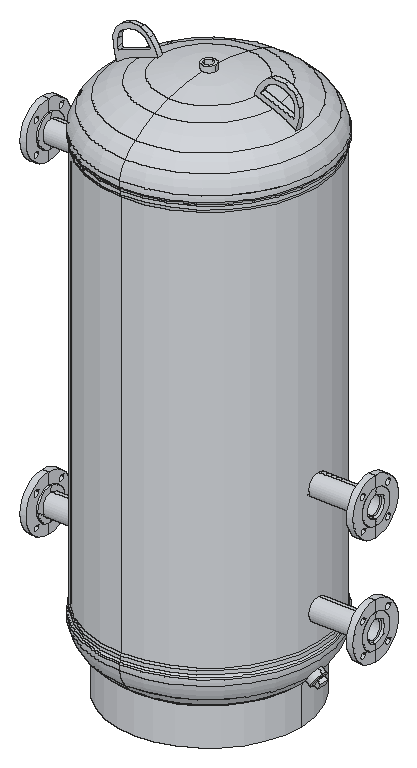
Revit family "HBT-120-22", category Generic Models, Revit 2014
Parameters (values of type "HBT-120-22")
  URL = "http://westank.com/"
  Tank Volume = 120.0 gal
  Part Number = 55641222
  Model = "HBT-120-22"
  Maximum Shipping Weight = 206 lbf
  G = 12"
  B = 2"
  Description = "Wessels ASME 4-port primary-secondary Hot Water Buffer Tanks (HBT) are designed for use with today’s high efficiency systems that incorporate small modular low-mass boilers."
  D = 60"
  C = 24"
  E = 48"
  F = 24"
  A = 2"
Reference planes (in)
  plane 1 "Center (Front/Back)": y = 0
  plane 2: z = 0
  plane 3 "Center (Left/Right)": x = 0
  plane 4: through (12.55282, -180, 5.24135) normal (0.8192, 0, -0.5736)
  plane 5: z = 0
  plane 6: x = -0.0258
  plane 7: x = -12
  plane 8: x = 12
  plane 9: z = 60
  plane 10: z = 12
  plane 11: z = 24
  plane 12: z = 48
Forms (in)
  Revolve 1, solid
    sketch origin (0, -0.02461, 0) x (0, 1, 0) y (0, 0, 1)
      loop
        line (-11.72943, 8.77243) -> (-11.78566, 8.52884) -> (-11.78566, 8.13478)
        arc (-11.78566, 8.13478) -> (-11.81912, 8.00062) -> (-11.91164, 7.89786) r 0.28578
        arc (-11.91164, 7.89786) -> (-11.95692, 7.81968) -> (-11.97558, 7.73128) r 0.28631
        arc (-11.97558, 7.73128) -> (-11.97245, 7.42046) -> (-11.93229, 7.11223) r 2.60351
        arc (-11.93229, 7.11223) -> (-11.64697, 6.20299) -> (-11.16219, 5.38255) r 4.15957
        arc (-11.16219, 5.38255) -> (-10.55779, 4.71313) -> (-9.84784, 4.1569) r 5.25551
        arc (-9.84784, 4.1569) -> (-8.58434, 3.33811) -> (-7.19899, 2.74848) r 8.73435
        arc (-7.19899, 2.74848) -> (-6.25875, 2.4064) -> (-5.29808, 2.12676) r 15.23806
        arc (-5.29808, 2.12676) -> (-2.65772, 1.62908) -> (0.02461, 1.47321) r 20.96361
        line (0.02461, 1.47321) -> (0.02461, 1.61775)
        arc (0.02461, 1.61775) -> (-2.63967, 1.77249) -> (-5.26227, 2.26678) r 20.81908
        arc (-5.26227, 2.26678) -> (-6.21608, 2.54451) -> (-7.14956, 2.88438) r 15.09353
        arc (-7.14956, 2.88438) -> (-8.51704, 3.46602) -> (-9.7638, 4.27464) r 8.58982
        arc (-9.7638, 4.27464) -> (-10.45704, 4.8168) -> (-11.047, 5.46985) r 5.11098
        arc (-11.047, 5.46985) -> (-11.51493, 6.26178) -> (-11.79034, 7.13942) r 4.01504
        arc (-11.79034, 7.13942) -> (-11.82827, 7.43054) -> (-11.83123, 7.72411) r 2.45898
        arc (-11.83123, 7.72411) -> (-11.82458, 7.76052) -> (-11.80874, 7.79397) r 0.14178
        arc (-11.80874, 7.79397) -> (-11.69341, 7.92922) -> (-11.64258, 8.09956) r 0.43032
        line (-11.64258, 8.09956) -> (-11.64258, 8.4958) -> (-11.58634, 8.7394) -> (-11.58634, 52.73382) -> (-11.64258, 52.97741) -> (-11.64258, 53.37366)
        arc (-11.64258, 53.37366) -> (-11.69341, 53.54399) -> (-11.80874, 53.67925) r 0.43032
        arc (-11.80874, 53.67925) -> (-11.82458, 53.7127) -> (-11.83123, 53.7491) r 0.14178
        arc (-11.83123, 53.7491) -> (-11.82827, 54.04267) -> (-11.79034, 54.33379) r 2.45898
        arc (-11.79034, 54.33379) -> (-11.51493, 55.21144) -> (-11.047, 56.00337) r 4.01504
        arc (-11.047, 56.00337) -> (-10.45704, 56.65641) -> (-9.7638, 57.19857) r 5.11098
        arc (-9.7638, 57.19857) -> (-8.51704, 58.00719) -> (-7.14956, 58.58883) r 8.58982
        arc (-7.14956, 58.58883) -> (-6.21608, 58.9287) -> (-5.26227, 59.20643) r 15.09353
        arc (-5.26227, 59.20643) -> (-2.63967, 59.70073) -> (0.02461, 59.85547) r 20.81908
        line (0.02461, 59.85547) -> (0.02461, 60)
        arc (0.02461, 60) -> (-2.65772, 59.84413) -> (-5.29808, 59.34646) r 20.96361
        arc (-5.29808, 59.34646) -> (-6.25875, 59.06681) -> (-7.19899, 58.72473) r 15.23806
        arc (-7.19899, 58.72473) -> (-8.58434, 58.1351) -> (-9.84784, 57.31632) r 8.73435
        arc (-9.84784, 57.31632) -> (-10.55779, 56.76009) -> (-11.16219, 56.09066) r 5.25551
        arc (-11.16219, 56.09066) -> (-11.64697, 55.27022) -> (-11.93229, 54.36098) r 4.15957
        arc (-11.93229, 54.36098) -> (-11.97245, 54.05275) -> (-11.97558, 53.74193) r 2.60351
        arc (-11.97558, 53.74193) -> (-11.95692, 53.65354) -> (-11.91164, 53.57536) r 0.28631
        arc (-11.91164, 53.57536) -> (-11.81912, 53.4726) -> (-11.78566, 53.33843) r 0.28578
        line (-11.78566, 53.33843) -> (-11.78566, 52.94437) -> (-11.72943, 52.70078) -> (-11.72943, 8.77243)
      axis (0.02461, 1.47321) -> (0.02461, 60)
    angle from 0 to 360
  Revolve 2, solid
    sketch origin (-13.31312, 0, -17.60969) x (0.999996, 0, -0.002792) y (0.002792, 0, 0.999996)
      loop
        line (24.95603, 23.79747) -> (24.90436, 23.83351) -> (24.49286, 23.24353) -> (25.10843, 22.81419) -> (25.48438, 23.35322) -> (25.43312, 23.38897) -> (25.55755, 23.56737) -> (25.04492, 23.92491) -> (24.95603, 23.79747)
      axis (24.49286, 23.24353) -> (25.10843, 22.81419)
    angle from 0 to 360
  Extrusion 3, solid
    sketch origin (11.29211, -180, 6.1145) x (0.574357, 0, 0.818605) y (0, -1, 0)
      loop
        line (-0.16036, -179.52645) -> (-0.95521, -179.68698) -> (-0.79485, -180.48095) -> (0, -180.32042) -> (-0.16036, -179.52645)
    from 1.02698 to 1.52678
  Extrusion 4, solid
    sketch origin (0, 0, 0) x (1, 0, 0) y (0, 1, 0)
      loop
        circle (0, 0) r 0.75
      loop
        circle (0, 0) r 0.5
    from 59.84944 to 60.51895
  Extrusion 5, void
    sketch origin (0, 0, 0) x (1, 0, 0) y (0, 1, 0)
      loop
        circle (0, 0) r 0.5
    from 55.71073 to 62.35572
  Revolve 6, solid
    sketch origin (0, 0, 0) x (1, 0, 0) y (0, 0, 1)
      loop
        line (9.87341, 4.12139) -> (9.87341, 0) -> (9.99844, 0) -> (9.99844, 4.12139) -> (9.87341, 4.12139)
      axis (0, 4.12139) -> (0, 0)
    angle from 0 to 360
  Extrusion 7, solid
    sketch origin (-25.94969, -0.08071, 39.84854) x (0.34202, 0, -0.939693) y (0.939693, 0, 0.34202)
      loop
        arc (-11.9298, 25.67102) -> (-12.15596, 25.63246) -> (-12.38023, 25.58408) r 5.2625
        arc (-12.38023, 25.58408) -> (-12.78497, 25.45482) -> (-13.16591, 25.26664) r 2.84116
        arc (-13.16591, 25.26664) -> (-13.45733, 25.04186) -> (-13.68503, 24.75271) r 1.49558
        arc (-13.68503, 24.75271) -> (-13.8, 24.46408) -> (-13.86349, 24.15994) r 1.7957
        arc (-13.86349, 24.15994) -> (-13.88475, 23.80361) -> (-13.86349, 23.44728) r 2.99674
        arc (-13.86349, 23.44728) -> (-13.79114, 23.11862) -> (-13.65649, 22.81019) r 1.72881
        arc (-13.65649, 22.81019) -> (-13.39922, 22.48527) -> (-13.05253, 22.25816) r 1.29608
        arc (-13.05253, 22.25816) -> (-12.66159, 22.07193) -> (-12.239, 21.97739) r 1.9331
        arc (-12.239, 21.97739) -> (-12.08496, 21.94521) -> (-11.9298, 21.91889) r 4.14312
        line (-11.9298, 21.91889) -> (-11.9298, 25.67102)
      loop
        line (-10.9298, 21.34797) -> (-10.9298, 26.14148)
        arc (-10.9298, 26.14148) -> (-11.99706, 26.18465) -> (-13.02719, 25.90227) r 3.48194
        arc (-13.02719, 25.90227) -> (-13.54727, 25.6041) -> (-13.99851, 25.20943) r 3.03185
        arc (-13.99851, 25.20943) -> (-14.28248, 24.55653) -> (-14.39992, 23.8543) r 2.91879
        arc (-14.39992, 23.8543) -> (-14.3348, 23.1787) -> (-14.08611, 22.54717) r 2.44012
        arc (-14.08611, 22.54717) -> (-13.716, 22.08641) -> (-13.21844, 21.76749) r 1.83162
        arc (-13.21844, 21.76749) -> (-12.09799, 21.42749) -> (-10.9298, 21.34797) r 5.1769
    from -0.24366 to 0.25634
  Extrusion 8, solid
    sketch origin (25.94969, -0.08071, 39.84854) x (-0.34202, 0, -0.939693) y (0.939693, 0, -0.34202)
      loop
        line (-11.9298, -25.67102) -> (-11.9298, -21.91889)
        arc (-11.9298, -21.91889) -> (-12.08496, -21.94521) -> (-12.239, -21.97739) r 4.14312
        arc (-12.239, -21.97739) -> (-12.66159, -22.07193) -> (-13.05253, -22.25816) r 1.9331
        arc (-13.05253, -22.25816) -> (-13.39922, -22.48527) -> (-13.65649, -22.81019) r 1.29608
        arc (-13.65649, -22.81019) -> (-13.79114, -23.11862) -> (-13.86349, -23.44728) r 1.72881
        arc (-13.86349, -23.44728) -> (-13.88475, -23.80361) -> (-13.86349, -24.15994) r 2.99674
        arc (-13.86349, -24.15994) -> (-13.8, -24.46408) -> (-13.68503, -24.75271) r 1.7957
        arc (-13.68503, -24.75271) -> (-13.45733, -25.04186) -> (-13.16591, -25.26664) r 1.49558
        arc (-13.16591, -25.26664) -> (-12.78497, -25.45482) -> (-12.38023, -25.58408) r 2.84116
        arc (-12.38023, -25.58408) -> (-12.15596, -25.63246) -> (-11.9298, -25.67102) r 5.2625
      loop
        arc (-10.9298, -21.34797) -> (-12.09799, -21.42749) -> (-13.21844, -21.76749) r 5.1769
        arc (-13.21844, -21.76749) -> (-13.716, -22.08641) -> (-14.08611, -22.54717) r 1.83162
        arc (-14.08611, -22.54717) -> (-14.3348, -23.1787) -> (-14.39992, -23.8543) r 2.44012
        arc (-14.39992, -23.8543) -> (-14.28248, -24.55653) -> (-13.99851, -25.20943) r 2.91879
        arc (-13.99851, -25.20943) -> (-13.54727, -25.6041) -> (-13.02719, -25.90227) r 3.03185
        arc (-13.02719, -25.90227) -> (-11.99706, -26.18465) -> (-10.9298, -26.14148) r 3.48194
        line (-10.9298, -26.14148) -> (-10.9298, -21.34797)
    from -0.24366 to 0.25634
  Extrusion 9, void
    sketch origin (0, 0, -11.75098) x (0, 1, 0) y (0, 0, 1)
      loop
        circle (0, 23.75098) r 1.03153
    from 10.06157 to 17.27456
  Revolve 10, solid
    sketch origin (8.01984, 0, 35.28348) x (-1, 0, 0) y (0, 0, 1)
      loop
        line (24.99382, 11.53157) -> (24.99382, 10.96875) -> (25.24382, 10.96875) -> (25.24382, 9.71837) -> (25.93132, 9.71837) -> (25.93132, 10.90594) -> (25.99382, 10.90594) -> (25.99382, 11.53157) -> (24.99382, 11.53157)
      axis (25.99382, 12.71652) -> (24.99382, 12.71652)
    angle from 0 to 360
  Revolve 11, solid
    sketch origin (6.07232, 0, 35.5) x (1, 0, 0) y (0, 0, 1)
      loop
        line (-17.17131, 11.46847) -> (-23.67131, 11.46847) -> (-23.67131, 11.31445) -> (-17.17131, 11.31445) -> (-17.17131, 11.46847)
      axis (-23.67131, 12.5) -> (-17.17131, 12.5)
    angle from 0 to 360
  Extrusion 12, void
    sketch origin (-1.97491, 0, 35.00195) x (0, 1, 0) y (0, 0, -1)
      loop
        circle (1.68454, -14.67389) r 0.38273
      loop
        circle (-1.69766, -14.67389) r 0.37635
      loop
        circle (-1.66641, -11.31003) r 0.35289
      loop
        circle (1.70166, -11.31003) r 0.37084
    from 13.49462 to 18.49167
  Extrusion 13, void
    sketch origin (0, 0, 0) x (0, 1, 0) y (0, 0, 1)
      loop
        circle (0, 48) r 1.03153
    from -19.33473 to -7.9694
  Revolve 14, solid
    sketch origin (8.01984, 0, -0.71652) x (-1, 0, 0) y (0, 0, 1)
      loop
        line (24.99382, 11.53157) -> (24.99382, 10.96875) -> (25.24382, 10.96875) -> (25.24382, 9.71837) -> (25.93132, 9.71837) -> (25.93132, 10.90594) -> (25.99382, 10.90594) -> (25.99382, 11.53157) -> (24.99382, 11.53157)
      axis (25.99382, 12.71652) -> (24.99382, 12.71652)
    angle from 0 to 360
  Revolve 15, solid
    sketch origin (6.07232, 0, -0.5) x (1, 0, 0) y (0, 0, 1)
      loop
        line (-17.17131, 11.46847) -> (-23.67131, 11.46847) -> (-23.67131, 11.31445) -> (-17.17131, 11.31445) -> (-17.17131, 11.46847)
      axis (-23.67131, 12.5) -> (-17.17131, 12.5)
    angle from 0 to 360
  Extrusion 16, void
    sketch origin (0, 0, -36) x (0, 1, 0) y (0, 0, 1)
      loop
        circle (0, 48) r 1.03153
    from -19.33473 to -7.9694
  Revolve 17, solid
    sketch origin (-8.01984, 0, -0.71652) x (1, 0, 0) y (0, 0, 1)
      loop
        line (24.99382, 11.53157) -> (24.99382, 10.96875) -> (25.24382, 10.96875) -> (25.24382, 9.71837) -> (25.93132, 9.71837) -> (25.93132, 10.90594) -> (25.99382, 10.90594) -> (25.99382, 11.53157) -> (24.99382, 11.53157)
      axis (25.99382, 12.71652) -> (24.99382, 12.71652)
    angle from 0 to 360
  Revolve 18, solid
    sketch origin (-6.07232, 0, -0.5) x (-1, 0, 0) y (0, 0, -1)
      loop
        line (-17.17131, -11.46847) -> (-17.17131, -11.31445) -> (-23.67131, -11.31445) -> (-23.67131, -11.46847) -> (-17.17131, -11.46847)
      axis (-23.67131, -12.5) -> (-17.17131, -12.5)
    angle from 0 to 360
  Extrusion 19, void
    sketch origin (-1.97491, 0, -0.99805) x (0, 1, 0) y (0, 0, -1)
      loop
        circle (1.68454, -14.67389) r 0.38273
      loop
        circle (-1.69766, -14.67389) r 0.37635
      loop
        circle (-1.66641, -11.31003) r 0.35289
      loop
        circle (1.70166, -11.31003) r 0.37084
    from 13.49462 to 18.49167
  Extrusion 20, void
    sketch origin (1.97491, 0, -0.99805) x (0, 1, 0) y (0, 0, 1)
      loop
        circle (1.68454, 14.67389) r 0.38273
      loop
        circle (-1.69766, 14.67389) r 0.37635
      loop
        circle (-1.66641, 11.31003) r 0.35289
      loop
        circle (1.70166, 11.31003) r 0.37084
    from 13.49462 to 18.49167
  Revolve 21, solid
    sketch origin (-8.01984, 0, 11.28348) x (1, 0, 0) y (0, 0, 1)
      loop
        line (24.99382, 11.53157) -> (24.99382, 10.96875) -> (25.24382, 10.96875) -> (25.24382, 9.71837) -> (25.93132, 9.71837) -> (25.93132, 10.90594) -> (25.99382, 10.90594) -> (25.99382, 11.53157) -> (24.99382, 11.53157)
      axis (25.99382, 12.71652) -> (24.99382, 12.71652)
    angle from 0 to 360
  Revolve 22, solid
    sketch origin (-6.07232, 0, 11.5) x (-1, 0, 0) y (0, 0, -1)
      loop
        line (-17.17131, -11.46847) -> (-17.17131, -11.31445) -> (-23.67131, -11.31445) -> (-23.67131, -11.46847) -> (-17.17131, -11.46847)
      axis (-23.67131, -12.5) -> (-17.17131, -12.5)
    angle from 0 to 360
  Extrusion 23, void
    sketch origin (1.97491, 0, 11.00195) x (0, 1, 0) y (0, 0, 1)
      loop
        circle (1.68454, 14.67389) r 0.38273
      loop
        circle (-1.69766, 14.67389) r 0.37635
      loop
        circle (-1.66641, 11.31003) r 0.35289
      loop
        circle (1.70166, 11.31003) r 0.37084
    from 13.49462 to 18.49167
  Extrusion 24, void
    sketch origin (0, 0, 0.24902) x (0, 1, 0) y (0, 0, 1)
      loop
        circle (0, 23.75098) r 1.03153
    from 10.06157 to 17.27456
Cuts and joins
  joined: Extrusion 3, Extrusion 4, Revolve 6
  Extrusion 5, Extrusion 9, Extrusion 13, Extrusion 16, Extrusion 24 cuts Revolve 1
  Extrusion 12, Extrusion 19 cuts Revolve 10
  Extrusion 16 cuts Revolve 11
  Extrusion 19, Extrusion 20 cuts Revolve 14
  Extrusion 20, Extrusion 23 cuts Revolve 17
  Extrusion 23 cuts Revolve 21
  Extrusion 24 cuts Revolve 18
Dimensions and locks (in)
  "D": plane 9 to level
  "C": plane 8 to plane 7
  "G": plane 10 to level
  "F": plane 11 to level
  "E": plane 12 to level
  aligned and locked: plane 2 to level
Automatic sketch dimensions
  Revolve 1 sketch curve to Revolve 1 sketch curve = 0"  (x44)
  Revolve 1 sketch curve to plane 1 "Center (Front/Back)" = 0"  (x3)
  plane 1 "Center (Front/Back)" to Revolve 1 sketch curve = 0.12751"  (x2)
  plane 1 "Center (Front/Back)" to Revolve 1 sketch curve = 1.54641"  (x2)
  Revolve 1 sketch curve to plane 10 = 0.94992"
  plane 1 "Center (Front/Back)" to Revolve 1 sketch curve = 4.50842"  (x2)
  plane 12 to Revolve 1 sketch curve = 2.42313"
  Revolve 1 sketch curve to Revolve 1 sketch curve = 2.48973"  (x2)
  Revolve 1 sketch curve to Revolve 1 sketch curve = 0.87346"  (x2)
  Revolve 1 sketch curve to Revolve 1 sketch curve = 1.52828"  (x2)
  plane 12 to Revolve 1 sketch curve = 4.73382"
  Revolve 1 sketch curve to Revolve 1 sketch curve = 2.21106"
  Revolve 1 sketch curve to Revolve 1 sketch curve = 0.05624"  (x2)
  Revolve 1 sketch curve to Revolve 1 sketch curve = 0.04705"  (x2)
  plane 12 to Revolve 1 sketch curve = 4.70078"
  Revolve 1 sketch curve to Revolve 1 sketch curve = 0.14309"  (x3)
  Revolve 1 sketch curve to plane 10 = 3.47116"
  Revolve 1 sketch curve to Revolve 1 sketch curve = 0.28578"  (x2)
  Revolve 1 sketch curve to Revolve 1 sketch curve = 0.03303"  (x3)
  Revolve 1 sketch curve to Revolve 1 sketch curve = 0.36102"
  Revolve 1 sketch curve to Revolve 1 sketch curve = 0.03523"  (x2)
  Revolve 1 sketch curve to Revolve 1 sketch curve = 0.20471"
  Revolve 1 sketch curve to Revolve 1 sketch curve = 0.38248"  (x2)
  Revolve 1 sketch curve to Revolve 1 sketch curve = 0.29277"  (x2)
  level to Revolve 1 sketch curve = 1.61775"
  Revolve 1 sketch curve to Revolve 1 sketch curve = 37/256"
  Revolve 1 sketch curve to Revolve 1 sketch curve = 0.66192"  (x2)
  Revolve 1 sketch curve to Revolve 1 sketch curve = 0.24359"  (x2)
  plane 10 to Revolve 1 sketch curve = 4.88948"
  Revolve 1 sketch curve to plane 11 = 1.56356"
  Revolve 1 sketch curve to plane 12 = 8.96323"
  Revolve 1 sketch curve to plane 12 = 3.41627"
  Revolve 1 sketch curve to Revolve 1 sketch curve = 2.49332"
  Revolve 1 sketch curve to Revolve 1 sketch curve = 0.39406"
  Revolve 1 sketch curve to plane 9 = 37/256"
  plane 9 to Revolve 1 sketch curve = 0"
  Revolve 1 sketch curve to Revolve 1 sketch curve = 1.88729"
  Revolve 1 sketch curve to plane 9 = 1.41117"
  Revolve 1 sketch curve to Revolve 1 sketch curve = 0.04943"  (x2)
  Revolve 1 sketch curve to Revolve 1 sketch curve = 2.61424"
  Revolve 1 sketch curve to plane 9 = 2.80143"
  Revolve 1 sketch curve to Revolve 1 sketch curve = 0.08403"  (x2)
  Revolve 1 sketch curve to Revolve 1 sketch curve = 0.02249"  (x2)
  Revolve 1 sketch curve to Revolve 1 sketch curve = 0.1029"  (x2)
  plane 11 to Revolve 1 sketch curve = 4.89308"
  Revolve 1 sketch curve to Revolve 1 sketch curve = 3 3/4"
  Revolve 2 sketch curve to plane 8 = 0.75545"
  Revolve 2 sketch curve to plane 4 = 1.2575"
  Revolve 2 sketch curve to Revolve 2 sketch curve = 0.4115"
  Revolve 2 sketch curve to Revolve 2 sketch curve = 0.05167"
  Revolve 2 sketch curve to Revolve 2 sketch curve = 0.08888"
  Revolve 2 sketch curve to Revolve 2 sketch curve = 0.61556"
  Revolve 2 sketch curve to Revolve 2 sketch curve = 0.47709"
  Revolve 2 sketch curve to Revolve 2 sketch curve = 0.05126"
  Revolve 2 sketch curve to Revolve 2 sketch curve = 0.42934"
  Revolve 2 sketch curve to Revolve 2 sketch curve = 0.12768"
  Revolve 2 sketch curve to Revolve 2 sketch curve = 0"  (x2)
  Revolve 2 sketch curve to Revolve 2 sketch curve = 0.08905"
  plane 1 "Center (Front/Back)" to Extrusion 3 sketch curve = 0.31302"
  Extrusion 3 sketch curve to plane 1 "Center (Front/Back)" = 0.48095"
  Extrusion 3 sketch curve to Extrusion 3 sketch curve = 0.16036"  (x2)
  plane 1 "Center (Front/Back)" to Extrusion 3 sketch curve = 0.47355"
  Extrusion 3 sketch curve to Extrusion 3 sketch curve = 0.79485"
  Extrusion 3 sketch curve to plane 1 "Center (Front/Back)" = 0.32042"
  Extrusion 4 sketch curve to Extrusion 4 sketch curve = 0"  (x2)
  plane 1 "Center (Front/Back)" to Extrusion 4 sketch curve = 0"
  Extrusion 4 sketch curve to plane 3 "Center (Left/Right)" = 0"
  Extrusion 5 sketch curve to Extrusion 5 sketch curve = 0"  (x2)
  plane 1 "Center (Front/Back)" to Extrusion 5 sketch curve = 0"
  Extrusion 5 sketch curve to plane 3 "Center (Left/Right)" = 0"
  plane 6 to Extrusion 5 sketch curve = 0.4742"
  Revolve 6 sketch curve to plane 3 "Center (Left/Right)" = 0"
  Revolve 6 sketch curve to level = 0"
  Revolve 6 sketch curve to plane 8 = 2.12659"
  Revolve 6 sketch curve to Revolve 6 sketch curve = 0.12503"
  level to Revolve 6 sketch curve = 4.12139"
  level to Revolve 6 sketch curve = 4.69941"
  Revolve 6 sketch curve to Revolve 6 sketch curve = 1"
  Extrusion 7 sketch curve to plane 9 = 0.3644"
  plane 7 to Extrusion 7 sketch curve = 3.79479"
  Extrusion 7 sketch curve to Extrusion 7 sketch curve = 0.03301"
  Extrusion 7 sketch curve to Extrusion 7 sketch curve = 0.08665"
  Extrusion 7 sketch curve to Extrusion 7 sketch curve = 0.34483"
  Extrusion 7 sketch curve to Extrusion 7 sketch curve = 17/256"
  Extrusion 7 sketch curve to Extrusion 7 sketch curve = 0.04958"
  Extrusion 7 sketch curve to Extrusion 7 sketch curve = 0.06885"
  Extrusion 7 sketch curve to Extrusion 7 sketch curve = 0.15073"
  Extrusion 7 sketch curve to Extrusion 7 sketch curve = 0.36028"
  Extrusion 7 sketch curve to Extrusion 7 sketch curve = 0.06601"
  Extrusion 7 sketch curve to Extrusion 7 sketch curve = 0.11815"
  Extrusion 7 sketch curve to Extrusion 7 sketch curve = 0.47821"
  Extrusion 7 sketch curve to Extrusion 7 sketch curve = 0.6151"
  Extrusion 7 sketch curve to Extrusion 7 sketch curve = 0.15011"
  Extrusion 7 sketch curve to Extrusion 7 sketch curve = 0.77126"
  Extrusion 7 sketch curve to Extrusion 7 sketch curve = 0.3849"
  Extrusion 7 sketch curve to Extrusion 7 sketch curve = 0.59588"
  Extrusion 7 sketch curve to Extrusion 7 sketch curve = 0.3061"
  Extrusion 7 sketch curve to Extrusion 7 sketch curve = 0.31529"
  Extrusion 7 sketch curve to Extrusion 7 sketch curve = 0.0954"
  Extrusion 7 sketch curve to Extrusion 7 sketch curve = 0.80625"
  Extrusion 7 sketch curve to Extrusion 7 sketch curve = 0.57092"
  Extrusion 7 sketch curve to Extrusion 7 sketch curve = 0.88262"
  Extrusion 7 sketch curve to Extrusion 7 sketch curve = 0.00686"
  Extrusion 7 sketch curve to Extrusion 7 sketch curve = 0.20406"
  Extrusion 7 sketch curve to Extrusion 7 sketch curve = 0.59172"
  Extrusion 7 sketch curve to Extrusion 7 sketch curve = 0.09548"
  Extrusion 7 sketch curve to Extrusion 7 sketch curve = 0.07607"
  Extrusion 7 sketch curve to Extrusion 7 sketch curve = 0.15093"
  Extrusion 7 sketch curve to Extrusion 7 sketch curve = 0.04716"
  Extrusion 7 sketch curve to Extrusion 7 sketch curve = 0.0326"
  Extrusion 7 sketch curve to Extrusion 7 sketch curve = 1.7246"
  Extrusion 7 sketch curve to Extrusion 7 sketch curve = 0.34507"
  Extrusion 7 sketch curve to Extrusion 7 sketch curve = 0.12538"
  Extrusion 7 sketch curve to Extrusion 7 sketch curve = 0.37807"
  Extrusion 7 sketch curve to Extrusion 7 sketch curve = 0"  (x6)
  Extrusion 7 sketch curve to Extrusion 7 sketch curve = 0.1659"
  Extrusion 7 sketch curve to Extrusion 7 sketch curve = 0.13872"
  Extrusion 7 sketch curve to Extrusion 7 sketch curve = 0.42962"
  Extrusion 7 sketch curve to Extrusion 7 sketch curve = 0.51913"
  Extrusion 7 sketch curve to Extrusion 7 sketch curve = 0.31348"
  Extrusion 8 sketch curve to plane 9 = 0.3644"
  Extrusion 8 sketch curve to plane 8 = 3.79479"
  Extrusion 8 sketch curve to Extrusion 8 sketch curve = 0.03301"
  Extrusion 8 sketch curve to Extrusion 8 sketch curve = 0.08665"
  Extrusion 8 sketch curve to Extrusion 8 sketch curve = 0.34483"
  Extrusion 8 sketch curve to Extrusion 8 sketch curve = 17/256"
  Extrusion 8 sketch curve to Extrusion 8 sketch curve = 0.04958"
  Extrusion 8 sketch curve to Extrusion 8 sketch curve = 0.06885"
  Extrusion 8 sketch curve to Extrusion 8 sketch curve = 0.15073"
  Extrusion 8 sketch curve to Extrusion 8 sketch curve = 0.36028"
  Extrusion 8 sketch curve to Extrusion 8 sketch curve = 0.06601"
  Extrusion 8 sketch curve to Extrusion 8 sketch curve = 0.11815"
  Extrusion 8 sketch curve to Extrusion 8 sketch curve = 0.47821"
  Extrusion 8 sketch curve to Extrusion 8 sketch curve = 0.6151"
  Extrusion 8 sketch curve to Extrusion 8 sketch curve = 0.15011"
  Extrusion 8 sketch curve to Extrusion 8 sketch curve = 0.77126"
  Extrusion 8 sketch curve to Extrusion 8 sketch curve = 0.3849"
  Extrusion 8 sketch curve to Extrusion 8 sketch curve = 0.59588"
  Extrusion 8 sketch curve to Extrusion 8 sketch curve = 0.00686"
  Extrusion 8 sketch curve to Extrusion 8 sketch curve = 0.20406"
  Extrusion 8 sketch curve to Extrusion 8 sketch curve = 0.0747"
  Extrusion 8 sketch curve to Extrusion 8 sketch curve = 0.09548"
  Extrusion 8 sketch curve to Extrusion 8 sketch curve = 0.07607"
  Extrusion 8 sketch curve to Extrusion 8 sketch curve = 0.15093"
  Extrusion 8 sketch curve to Extrusion 8 sketch curve = 0.04716"
  Extrusion 8 sketch curve to Extrusion 8 sketch curve = 0.0326"
  Extrusion 8 sketch curve to Extrusion 8 sketch curve = 1.7246"
  Extrusion 8 sketch curve to Extrusion 8 sketch curve = 0.34507"
  Extrusion 8 sketch curve to Extrusion 8 sketch curve = 0.12538"
  Extrusion 8 sketch curve to Extrusion 8 sketch curve = 0.37807"
  Extrusion 8 sketch curve to Extrusion 8 sketch curve = 0.51702"
  Extrusion 8 sketch curve to Extrusion 8 sketch curve = 0.31529"
  Extrusion 8 sketch curve to Extrusion 8 sketch curve = 0.0954"
  Extrusion 8 sketch curve to Extrusion 8 sketch curve = 0.80625"
  Extrusion 8 sketch curve to Extrusion 8 sketch curve = 0.57092"
  Extrusion 8 sketch curve to Extrusion 8 sketch curve = 0.88262"
  Extrusion 8 sketch curve to Extrusion 8 sketch curve = 0"  (x6)
  Extrusion 8 sketch curve to Extrusion 8 sketch curve = 0.1659"
  Extrusion 8 sketch curve to Extrusion 8 sketch curve = 0.13872"
  Extrusion 8 sketch curve to Extrusion 8 sketch curve = 0.42962"
  Extrusion 8 sketch curve to Extrusion 8 sketch curve = 0.51913"
  Extrusion 8 sketch curve to Extrusion 8 sketch curve = 0.31348"
  Extrusion 9 sketch curve to Extrusion 9 sketch curve = 0"  (x2)
  Extrusion 9 sketch curve to plane 1 "Center (Front/Back)" = 0"
  Extrusion 9 sketch curve to plane 10 = 0"
  Extrusion 9 sketch curve to Extrusion 9 sketch curve = 1.03153"
  Revolve 10 sketch curve to plane 12 = 0"
  plane 12 to Revolve 10 sketch curve = 1.74777"
  plane 7 to Revolve 10 sketch curve = 4.97398"
  Revolve 10 sketch curve to Revolve 10 sketch curve = 1/4"
  Revolve 10 sketch curve to Revolve 10 sketch curve = 11/16"
  Revolve 10 sketch curve to Revolve 10 sketch curve = 1/16"
  Revolve 10 sketch curve to Revolve 10 sketch curve = 0.06281"
  Revolve 10 sketch curve to Revolve 10 sketch curve = 1.25038"
  Revolve 10 sketch curve to Revolve 10 sketch curve = 0.62563"
  Revolve 10 sketch curve to plane 7 = 0.90101"
  Revolve 10 sketch curve to plane 6 = 3.82318"
  Revolve 11 sketch curve to plane 12 = 0"
  Revolve 11 sketch curve to plane 12 = 1.03153"
  Revolve 11 sketch curve to plane 7 = 5.59899"
  plane 7 to Revolve 11 sketch curve = 0.90101"
  Revolve 11 sketch curve to Revolve 11 sketch curve = 0.15401"
  Revolve 11 sketch curve to Revolve 11 sketch curve = 1/4"
  Revolve 11 sketch curve to Revolve 11 sketch curve = 3/4"
  plane 1 "Center (Front/Back)" to Extrusion 12 sketch curve = 1.69766"
  plane 1 "Center (Front/Back)" to Extrusion 12 sketch curve = 1.66641"
  Extrusion 12 sketch curve to plane 1 "Center (Front/Back)" = 1.68454"
  Extrusion 12 sketch curve to plane 1 "Center (Front/Back)" = 1.70166"
  plane 12 to Extrusion 12 sketch curve = 1.67584"  (x2)
  Extrusion 12 sketch curve to plane 12 = 1.68801"  (x2)
  Extrusion 13 sketch curve to Extrusion 13 sketch curve = 0"  (x2)
  Extrusion 13 sketch curve to plane 1 "Center (Front/Back)" = 0"
  Extrusion 13 sketch curve to plane 12 = 0"
  Extrusion 13 sketch curve to Extrusion 13 sketch curve = 1.03153"
  Revolve 14 sketch curve to plane 10 = 0"
  plane 10 to Revolve 14 sketch curve = 1.74777"
  plane 7 to Revolve 14 sketch curve = 4.97398"
  Revolve 14 sketch curve to Revolve 14 sketch curve = 1/4"
  Revolve 14 sketch curve to Revolve 14 sketch curve = 11/16"
  Revolve 14 sketch curve to Revolve 14 sketch curve = 1/16"
  Revolve 14 sketch curve to Revolve 14 sketch curve = 0.06281"
  Revolve 14 sketch curve to Revolve 14 sketch curve = 1.25038"
  Revolve 14 sketch curve to Revolve 14 sketch curve = 0.62563"
  Revolve 14 sketch curve to plane 7 = 0.90101"
  Revolve 14 sketch curve to plane 6 = 3.82318"
  Revolve 15 sketch curve to plane 10 = 0"
  Revolve 15 sketch curve to plane 10 = 1.03153"
  Revolve 15 sketch curve to plane 7 = 5.59899"
  plane 7 to Revolve 15 sketch curve = 0.90101"
  Revolve 15 sketch curve to Revolve 15 sketch curve = 0.15401"
  Revolve 15 sketch curve to Revolve 15 sketch curve = 1/4"
  Revolve 15 sketch curve to Revolve 15 sketch curve = 3/4"
  Extrusion 16 sketch curve to Extrusion 16 sketch curve = 0"  (x2)
  Extrusion 16 sketch curve to plane 1 "Center (Front/Back)" = 0"
  Extrusion 16 sketch curve to plane 10 = 0"
  Extrusion 16 sketch curve to Extrusion 16 sketch curve = 1.03153"
  Revolve 17 sketch curve to plane 10 = 0"
  Revolve 17 sketch curve to plane 10 = 1.74777"
  plane 8 to Revolve 17 sketch curve = 4.97398"
  Revolve 17 sketch curve to Revolve 17 sketch curve = 1/4"
  Revolve 17 sketch curve to Revolve 17 sketch curve = 11/16"
  Revolve 17 sketch curve to Revolve 17 sketch curve = 1/16"
  Revolve 17 sketch curve to Revolve 17 sketch curve = 0.06281"
  Revolve 17 sketch curve to Revolve 17 sketch curve = 1.25038"
  Revolve 17 sketch curve to Revolve 17 sketch curve = 0.62563"
  Revolve 17 sketch curve to plane 8 = 0.90101"
  plane 3 "Center (Left/Right)" to Revolve 17 sketch curve = 3.84899"
  Revolve 18 sketch curve to plane 10 = 0"
  Revolve 18 sketch curve to plane 10 = 1.03153"
  plane 8 to Revolve 18 sketch curve = 5.59899"
  Revolve 18 sketch curve to plane 8 = 0.90101"
  Revolve 18 sketch curve to Revolve 18 sketch curve = 0.15401"
  Revolve 18 sketch curve to Revolve 18 sketch curve = 1/4"
  Revolve 18 sketch curve to Revolve 18 sketch curve = 3/4"
  plane 1 "Center (Front/Back)" to Extrusion 19 sketch curve = 1.69766"
  plane 1 "Center (Front/Back)" to Extrusion 19 sketch curve = 1.66641"
  Extrusion 19 sketch curve to plane 1 "Center (Front/Back)" = 1.68454"
  Extrusion 19 sketch curve to plane 1 "Center (Front/Back)" = 1.70166"
  plane 10 to Extrusion 19 sketch curve = 1.67584"  (x2)
  Extrusion 19 sketch curve to plane 10 = 1.68801"  (x2)
  plane 1 "Center (Front/Back)" to Extrusion 20 sketch curve = 1.69766"
  plane 1 "Center (Front/Back)" to Extrusion 20 sketch curve = 1.66641"
  Extrusion 20 sketch curve to plane 1 "Center (Front/Back)" = 1.68454"
  Extrusion 20 sketch curve to plane 1 "Center (Front/Back)" = 1.70166"
  Extrusion 20 sketch curve to plane 10 = 1.68801"  (x2)
  plane 10 to Extrusion 20 sketch curve = 1.67584"  (x2)
  Revolve 21 sketch curve to plane 11 = 0"
  Revolve 21 sketch curve to plane 11 = 1.74777"
  plane 8 to Revolve 21 sketch curve = 4.97398"
  Revolve 21 sketch curve to Revolve 21 sketch curve = 1/4"
  Revolve 21 sketch curve to Revolve 21 sketch curve = 11/16"
  Revolve 21 sketch curve to Revolve 21 sketch curve = 1/16"
  Revolve 21 sketch curve to Revolve 21 sketch curve = 0.06281"
  Revolve 21 sketch curve to Revolve 21 sketch curve = 1.25038"
  Revolve 21 sketch curve to Revolve 21 sketch curve = 0.62563"
  Revolve 21 sketch curve to plane 8 = 0.90101"
  plane 3 "Center (Left/Right)" to Revolve 21 sketch curve = 3.84899"
  Revolve 22 sketch curve to plane 11 = 0"
  Revolve 22 sketch curve to plane 11 = 1.03153"
  plane 8 to Revolve 22 sketch curve = 5.59899"
  Revolve 22 sketch curve to plane 8 = 0.90101"
  Revolve 22 sketch curve to Revolve 22 sketch curve = 0.15401"
  Revolve 22 sketch curve to Revolve 22 sketch curve = 1/4"
  Revolve 22 sketch curve to Revolve 22 sketch curve = 3/4"
  plane 1 "Center (Front/Back)" to Extrusion 23 sketch curve = 1.69766"
  plane 1 "Center (Front/Back)" to Extrusion 23 sketch curve = 1.66641"
  Extrusion 23 sketch curve to plane 1 "Center (Front/Back)" = 1.68454"
  Extrusion 23 sketch curve to plane 1 "Center (Front/Back)" = 1.70166"
  Extrusion 23 sketch curve to plane 11 = 1.68801"  (x2)
  plane 11 to Extrusion 23 sketch curve = 1.67584"  (x2)
  Extrusion 24 sketch curve to Extrusion 24 sketch curve = 0"  (x2)
  Extrusion 24 sketch curve to plane 1 "Center (Front/Back)" = 0"
  Extrusion 24 sketch curve to plane 11 = 0"
  Extrusion 24 sketch curve to plane 11 = 1.03153"
  radius of Extrusion 4 sketch curve = 3/4"
  radius of Extrusion 4 sketch curve = 1/2"
  radius of Extrusion 12 sketch curve = 0.38273"
  radius of Extrusion 12 sketch curve = 0.37635"
  radius of Extrusion 12 sketch curve = 0.35289"
  radius of Extrusion 12 sketch curve = 0.37084"
  radius of Extrusion 19 sketch curve = 0.38273"
  radius of Extrusion 19 sketch curve = 0.37635"
  radius of Extrusion 19 sketch curve = 0.35289"
  radius of Extrusion 19 sketch curve = 0.37084"
  radius of Extrusion 20 sketch curve = 0.38273"
  radius of Extrusion 20 sketch curve = 0.37635"
  radius of Extrusion 20 sketch curve = 0.35289"
  radius of Extrusion 20 sketch curve = 0.37084"
  radius of Extrusion 23 sketch curve = 0.38273"
  radius of Extrusion 23 sketch curve = 0.37635"
  radius of Extrusion 23 sketch curve = 0.35289"
  radius of Extrusion 23 sketch curve = 0.37084"
Connectors (in)
  piping at (-17.97399, 0, 48), diameter 2, driven by "B"
    settings: on Revolve 10, index 3, connector inside diameter 24", connector length 0", flow factor 0, pipe flow 0 GPM, pressure drop 0.00 psi, fitting loss kfactor 0, connector angle 0.00°, fixture units 0, engagement length 0", angle of deflection 0.00°, flow configuration 0, flow direction 0, fitting loss method 0, system type 7, joint type 0, gender type 0, connector reference index -1, connector utility 0, adjustable connector no, is connector primary yes, connector description ""
  piping at (-17.97399, 0, 12), diameter 2, driven by "B"
    settings: on Revolve 14, index 4, connector inside diameter 24", connector length 0", flow factor 0, pipe flow 0 GPM, pressure drop 0.00 psi, fitting loss kfactor 0, connector angle 0.00°, fixture units 0, engagement length 0", angle of deflection 0.00°, flow configuration 0, flow direction 0, fitting loss method 0, system type 7, joint type 0, gender type 0, connector reference index -1, connector utility 0, adjustable connector no, is connector primary no, connector description ""
  piping at (17.97399, 0, 24), diameter 2, driven by "A"
    settings: on Revolve 21, index 5, connector inside diameter 24", connector length 0", flow factor 0, pipe flow 0 GPM, pressure drop 0.00 psi, fitting loss kfactor 0, connector angle 0.00°, fixture units 0, engagement length 0", angle of deflection 0.00°, flow configuration 0, flow direction 0, fitting loss method 0, system type 7, joint type 0, gender type 0, connector reference index -1, connector utility 0, adjustable connector no, is connector primary no, connector description ""
  piping at (17.97399, 0, 12), diameter 2, driven by "A"
    settings: on Revolve 17, index 6, connector inside diameter 24", connector length 0", flow factor 0, pipe flow 0 GPM, pressure drop 0.00 psi, fitting loss kfactor 0, connector angle 0.00°, fixture units 0, engagement length 0", angle of deflection 0.00°, flow configuration 0, flow direction 0, fitting loss method 0, system type 7, joint type 0, gender type 0, connector reference index -1, connector utility 0, adjustable connector no, is connector primary no, connector description ""
  piping at (-17.97399, 0, 12), diameter 2, driven by "B"
    settings: on Revolve 14, index 7, connector inside diameter 24", connector length 0", flow factor 0, pipe flow 0 GPM, pressure drop 0.00 psi, fitting loss kfactor 0, connector angle 0.00°, fixture units 0, engagement length 0", angle of deflection 0.00°, flow configuration 0, flow direction 0, fitting loss method 0, system type 7, joint type 0, gender type 0, connector reference index -1, connector utility 0, adjustable connector no, is connector primary no, connector description ""
  piping at (-17.97399, 0, 48), diameter 2, driven by "B"
    settings: on Revolve 10, index 8, connector inside diameter 24", connector length 0", flow factor 0, pipe flow 0 GPM, pressure drop 0.00 psi, fitting loss kfactor 0, connector angle 0.00°, fixture units 0, engagement length 0", angle of deflection 0.00°, flow configuration 0, flow direction 0, fitting loss method 0, system type 7, joint type 0, gender type 0, connector reference index -1, connector utility 0, adjustable connector no, is connector primary no, connector description ""
